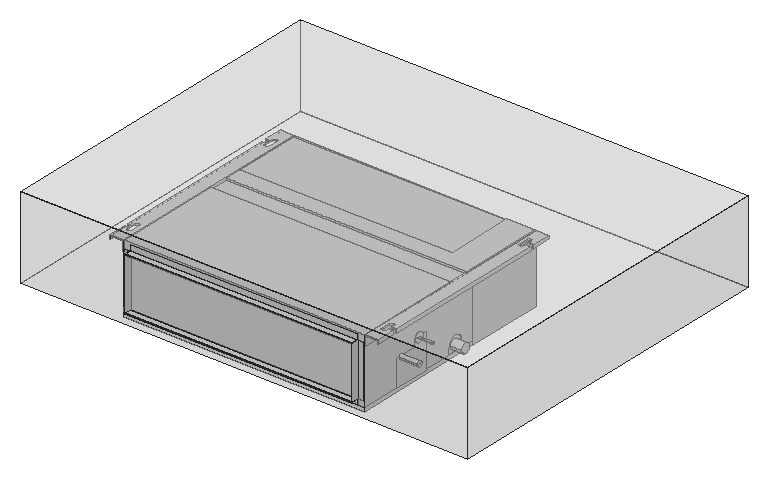
Revit family "outputfile", category 機械設備, Revit 2024
Family settings
  丸型コネクタ寸法 = 半径を使用
  パーツ タイプ = 標準
  OmniClass 番号 = 23.75.10.24.21.27.27
  OmniClass タイトル = Split System Air Conditioning Units
  作業面ベース = いいえ
  常に垂直 = はい
  ロード時にボイドで切り取り = いいえ
  注釈の向きを維持 = いいえ
  共有 = いいえ
  部屋計算ポイント = はい
Parameters (values of type "FXDQ32PDVTS")
  Description = ""
  製造元 = "Daikin"
  書き出し IFC クラス(タイプ) = "IfcUnitaryEquipmentType"
  定義済み IFC タイプ(タイプ) = "AIRCONDITIONINGUNIT"
  Cost = 0
  モデル = "FXDQ32PDVTS"
  Type Comments = ""
  Keynote = ""
  Type Image = (empty or 0)
  Assembly Code = ""
  w_pipe = 33.0 mm
  r_Liquid Pipe Size = Liquid Pipe Size / 2  # 3.2 mm
  r_Gas Pipe Size = Gas Pipe Size / 2  # 6.35 mm
  r_Drain Pipe Size = Drain Pipe Size / 2  # 10.0 mm
  lw_powersupply = 304.0 mm
  lh_suctionflange [instance] = if(Rear Connection_Return Air, 100.0 mm + [h***], 190.0 mm + [h***])  # 100.0 mm
  ld_suctionflange [instance] = if(Rear Connection_Return Air, 190.0 mm, 100.0 mm)  # 190.0 mm
  ld_powersupply = 60.0 mm
  angle_vertical_RA [instance] = if(Rear Connection_Return Air, 90.00°, 0.00°)  # 90.00°
  angle horizontal_RA [instance] = if(Rear Connection_Return Air, 180.00°, 270.00°)  # 180.00°
  Voltage_comment_50Hz = "220-240"
  Voltage_50Hz = 220 V
  URL = ""
  Supply Air Direction [instance] = yes
  Sound Power Level_H speed (dB) = 54
  Rear Connection_Return Air [instance] = not(Bottom Connection_Return Air)  # yes
  RA_length = 190.0 mm  # constant formula
  Phase_50Hz = 1
  Minimum External Static Pressure = 10.00 Pa
  Minimum Circuit Amps_50Hz = 0.7 A
  Maximum Fuse Amps_50Hz = 16.0 A
  Maximum External Static Pressure = 30.00 Pa
  Material_Casing = DAIKIN_GalvanizedSteel_Casing_indoorunit
  lw_liquidpipe = 46.0 mm  # constant formula
  lw_gaspipe = 57.0 mm  # constant formula
  lw_mountinghole_pitch = 740.0 mm  # constant formula
  lw_mountinghole = 20.0 mm  # constant formula
  lw_drainpipe = 33.0 mm  # constant formula
  lh_powersupply = 10.0 mm
  lh_liquidpipe = 110.0 mm
  lh_gaspipe = 87.0 mm
  lh_mountinghole = Height + [h***]  # 200.0 mm
  lh_drainpipe = 30.0 mm
  lh_antena = 1.0 mm  # constant formula
  ld_liquidpipe = 193.0 mm  # constant formula
  ld_gaspipe = 130.0 mm  # constant formula
  ld_mountinghole_pitch = 500.0 mm  # constant formula
  ld_drainpipe = 280.0 mm
  ld_controlbox = 626.0 mm  # constant formula
  h*** = 0.0 mm  # constant formula
  d_dischargeflange = 21.2 mm  # constant formula
  Width = 700.0 mm
  Version = "ver.1.0"
  Unit Type = "Slim Duct (Standard) Type"
  Unit Mass Weight = 23.00 kg
  Unit Designation [instance] = ""
  Uniclass2015Version = "Products v1.30"
  Uniclass2015Title = "Variable refrigerant flow units"
  Uniclass2015Code = "Pr_70_65_03_94"
  Total Heating Capacity [instance] = 0.000 kW
  Total Cooling Capacity [instance] = 0.000 kW
  Sound Pressure Level_M speed (dBA) = 0
  Sound Pressure Level_L speed (dBA) = 24
  Sound Pressure Level_H speed (dBA) = 28
  Series = "VRV Fan Coil Unit"
  Sensible Cooling Capacity [instance] = 0.000 kW
  SA Duct Size Width = 660.0 mm
  SA Duct Size Height = 153.0 mm
  Refrigerant Type = "R410A"
  RA Duct Size Width = 600.0 mm
  RA Duct Size Height = 180.0 mm
  Power Input (Heating) = 0.070 kW
  Power Input (Cooling) = 0.070 kW
  Option Accessory 3 [instance] = ""
  Option Accessory 2 [instance] = ""
  Option Accessory 1 [instance] = ""
  Nominal Heating Capacity = 4.000 kW
  Nominal Cooling Capacity = 3.600 kW
  Minimum Airflow = 384.00 m³/h
  Median Airflow = 432.00 m³/h
  Maximum Airflow = 480.00 m³/h
  Load Classification = HVAC
  Liquid Pipe Size = 6.4 mm
  Link_Nested Family [instance] = ""
  IfcVersion = "0"
  IfcExportType = "AIRCONDITIONINGUNIT"
  IfcExportAs = "IfcUnitaryEquipmentType"
  Height = 200.0 mm
  Heating Entering Wet Bulb Temperature [instance] = 0.00 °C
  Heating Entering Dry Bulb Temperature [instance] = 0.00 °C
  Heating Ambient Wet Bulb Temperature [instance] = 0.00 °C
  Heating Ambient Dry Bulb Temperature [instance] = 0.00 °C
  Heat Exchanger Type = "Cross Fin Coil"
  Gas Pipe Size = 12.7 mm
  Frequency_50Hz = 50 Hz
  Fan Type = "Sirocco Fan"
  Fan Drive = "Direct Drive"
  FCU Tag No. [instance] = ""
  Drain Pipe Size = 20.0 mm
  Design Supply Airflow [instance] = 0.00 m³/h
  Design Return Airflow [instance] = 0.00 m³/h
  Design External Static Pressure [instance] = 0.00 Pa
  Depth = 620.0 mm
  既定の高さ = 0.0 mm
  Cooling Entering Wet Bulb Temperature [instance] = 0.00 °C
  Cooling Entering Dry Bulb Temperature [instance] = 0.00 °C
  Cooling Ambient Wet Bulb Temperature [instance] = 0.00 °C
  Cooling Ambient Dry Bulb Temperature [instance] = 0.00 °C
  Clearance visibility [instance] = yes
  Clearance Top = 20.0 mm
  Clearance Right = 300.0 mm
  Clearance Rear = 400.0 mm
  Clearance Left = 300.0 mm
  Clearance Front = 0.0 mm
  Clearance Bottom = 20.0 mm
  Bottom Connection_Return Air [instance] = no
Reference planes
  plane 1 "Center (Front/Back)": y = 0
  plane 2: z = 0
  plane 3 "Center (Left/Right)": x = 0
  plane 4 "Back": y = 310
  plane 5 "Front": y = -310
  plane 6 "Left": x = -350
  plane 7 "Right": x = 350
  plane 8 "Top": z = 0
  plane 9 "Bottom": z = -200
  plane 10: x = 330
  plane 11: x = -330
  plane 12: z = -190
  plane 13: z = -6
  plane 14: z = -22
  plane 15: z = -90
  plane 16: z = -113
  plane 17: x = -304
  plane 18: x = 304
  plane 19: x = -370
  plane 20: x = 370
  plane 21: y = -250
  plane 22: y = 250
  plane 23: x = -390
  plane 24: x = 390
  plane 25: x = 396
  plane 26: x = 407
  plane 27: x = 383
  plane 28: z = 0
  plane 29: z = -170
  plane 30 "Clearance Left": x = -650
  plane 31 "Clearance Right": x = 650
  plane 32 "Clearance Rear": y = 710
  plane 33 "Clearance Front": y = -310
  plane 34 "Clearance Top": z = 20
  plane 35 "Clearance Bottom": z = -220
  plane 36: z = -21
  plane 37: z = -170
  plane 38: z = -96.5
  plane 39: x = -40
  plane 40: y = -180
  plane 41: y = -117
  plane 42: y = -30
  plane 43: y = 20
  plane 44: z = -97.5
  plane 45: y = -309
  plane 46: x = -349
  plane 47: z = -100
  plane 48: z = -30
  plane 49: y = 210
  plane 50: z = 301
  plane 51: z = -199
  plane 52: y = 120
  plane 53: z = -101
  plane 54: x = 380
  plane 55: z = 11
  plane 56: z = 102.5
Forms (mm)
  Extrusion 1, solid
    sketch origin (0, 0, 0) x (1, 0, 0) y (0, 0, 1)
      loop
        line (-350, -190) -> (-350, -200) -> (350, -200) -> (350, -190) -> (-350, -190)
    from -84 to 310
  Extrusion 2, solid, material "DAIKIN_GalvanizedSteel_Casing_indoorunit" <- "Material_Casing"
    sketch origin (0, 0, 0) x (1, 0, 0) y (0, 1, 0)
      loop
        line (-350, -309) -> (350, -309) -> (350, 310) -> (-350, 310) -> (-350, -309)
    from -200 to 0
  Extrusion 3, void
    sketch origin (0, 0, 1) x (1, 0, 0) y (0, 1, 0)
      loop
        line (-350, 62.179) -> (-350, 4.179) -> (350, 4.179) -> (350, 62.179) -> (-350, 62.179)
    from -1 to -7
  Extrusion 4, void
    sketch origin (0, 0, 0) x (0, 1, 0) y (0, 0, 1)
      loop
        line (-5, -190) -> (45, -190) -> (45, -170)
        arc (45, -170) -> (20, -145) -> (-5, -170) r 25
        line (-5, -170) -> (-5, -190)
    from 350 to 345
  Revolve 5, solid, material "DAIKIN_GalvanizedSteel_Casing_indoorunit" <- "Material_Casing"
    sketch origin (0, 0, -113) x (0, -1, 0) y (1, 0, 0)
      loop
        line (173.65, 351) -> (180, 351) -> (180, 407) -> (173.65, 407) -> (173.65, 351)
      axis (180, 351) -> (180, 407)
    angle from 0 to 360
  Revolve 6, solid, material "DAIKIN_GalvanizedSteel_Casing_indoorunit" <- "Material_Casing"
    sketch origin (0, 0, -90) x (0, -1, 0) y (1, 0, 0)
      loop
        line (117, 351) -> (117, 396) -> (113.8, 396) -> (113.8, 351) -> (117, 351)
      axis (117, 396) -> (117, 351)
    angle from 0 to 360
  Extrusion 7, solid, material "DAIKIN_GalvanizedSteel_Casing_indoorunit" <- "Material_Casing"
    sketch origin (0, 0, 0) x (0, 1, 0) y (0, 0, 1)
      loop
        circle (-116, -90) r 12.7
    from 350 to 355.007
  Extrusion 8, solid, material "DAIKIN_GalvanizedSteel_Casing_indoorunit" <- "Material_Casing"
    sketch origin (0, 0, 0) x (0, 1, 0) y (0, 0, 1)
      loop
        circle (20, -170) r 13
    from 345 to 380
  Extrusion 9, solid, material "DAIKIN_GalvanizedSteel_Casing_indoorunit" <- "Material_Casing"
    sketch origin (0, 0, 0) x (1, 0, 0) y (0, 0, 1)
      loop
        line (-350, -190) -> (-350, -200) -> (350, -200) -> (350, -190) -> (-350, -190)
    from -84 to 310
  Extrusion 10, solid, material "DAIKIN_GalvanizedSteel_Casing_indoorunit" <- "Material_Casing", visible <- "Bottom Connection_Return Air"
    sketch origin (0, 0, 0) x (1, 0, 0) y (0, 0, 1)
      loop
        line (269, -200) -> (269, -1) -> (-349, -1) -> (-349, -200) -> (269, -200)
    from -310 to -309
  Extrusion 11, void
    sketch origin (0, 0, 0) x (1, 0, 0) y (0, 0, 1)
      loop
        line (269, 0) -> (-349, 0) -> (-349, -1) -> (269, -1) -> (269, 0)
    from -310 to -111
  Extrusion 12, solid, material "DAIKIN_GalvanizedSteel_Casing_indoorunit" <- "Material_Casing", visible <- "Rear Connection_Return Air"
    sketch origin (0, 0, 0) x (1, 0, 0) y (0, 1, 0)
      loop
        line (-349, 310) -> (-349, 111) -> (269, 111) -> (269, 310) -> (-349, 310)
    from -200 to -199
  Extrusion 13, solid, material "DAIKIN_GalvanizedSteel_Casing_indoorunit" <- "Material_Casing"
    sketch origin (0, 0, 0) x (0, 1, 0) y (0, 0, 1)
      loop
        line (-194, -113) -> (-194, -190) -> (-88.3, -190) -> (-88.3, -90) -> (-103.3, -90)
        arc (-103.3, -90) -> (-116, -102.7) -> (-128.7, -90) r 12.7
        line (-128.7, -90) -> (-128.7, -113) -> (-173.65, -113)
        arc (-173.65, -113) -> (-180, -119.35) -> (-186.35, -113) r 6.35
        line (-186.35, -113) -> (-194, -113)
    from 351 to 350
  Extrusion 14, solid, material "DAIKIN_GalvanizedSteel_Casing_indoorunit" <- "Material_Casing"
    sketch origin (0, 0, 0) x (0, 1, 0) y (0, 0, 1)
      loop
        line (84, -199) -> (310, -199) -> (310, -22) -> (91, -22) -> (84, -29) -> (84, -199)
    from 351 to 350
Cuts and joins
  Extrusion 3, Extrusion 4, Extrusion 11 cuts Extrusion 2
  Extrusion 4 cuts Extrusion 1
  Extrusion 11 cuts Extrusion 9
Dimensions and locks
  "lh_powersupply": plane 12 to plane 9 "Bottom"
  locked: plane 8 "Top" to plane 13 at 6
  "Height": plane 8 "Top" to plane 9 "Bottom"
  equal spacing: plane 17, plane 3 "Center (Left/Right)", plane 18, locked at 304 each
  locked: plane 17 to plane 18 at 608
  equal spacing: plane 19, plane 3 "Center (Left/Right)", plane 20, locked at 370 each
  "lw_mountinghole_pitch": plane 19 to plane 20
  locked: plane 14 to plane 9 "Bottom" at 178
  "lw_mountinghole": plane 23 to plane 19
  "lh_liquidpipe": plane 15 to plane 9 "Bottom"
  "lh_gaspipe": plane 16 to plane 9 "Bottom"
  "lh_mountinghole": plane 28 to plane 9 "Bottom"
  "ld_mountinghole_pitch": plane 22 to plane 21
  equal spacing: plane 6 "Left", plane 3 "Center (Left/Right)", plane 7 "Right", locked at 350 each
  "Width": plane 6 "Left" to plane 7 "Right"
  "lh_drainpipe": plane 29 to plane 9 "Bottom"
  "Clearance Right": plane 7 "Right" to plane 31 "Clearance Right"
  "Clearance Left": plane 30 "Clearance Left" to plane 6 "Left"
  "lw_gaspipe": plane 7 "Right" to plane 26
  "lw_liquidpipe": plane 7 "Right" to plane 25
  "lw_drainpipe": plane 7 "Right" to plane 27
  "Clearance Rear": plane 32 "Clearance Rear" to plane 4 "Back"
  "Clearance Front": plane 5 "Front" to plane 33 "Clearance Front"
  "Clearance Top": plane 34 "Clearance Top" to plane 8 "Top"
  "Clearance Bottom": plane 9 "Bottom" to plane 35 "Clearance Bottom"
  "ld_powersupply": plane 4 "Back" to plane 22
  "lw_powersupply": plane 3 "Center (Left/Right)" to plane 18
  locked: plane 8 "Top" to plane 36 at 21
  locked: plane 8 "Top" to plane 37 at 170
  locked: plane 40 to plane 41 at 63
  locked: plane 38 to plane 9 "Bottom" at 103.5
  locked: plane 36 to plane 44 at 76.5
  "Depth": plane 4 "Back" to plane 5 "Front"
  equal spacing: plane 4 "Back", plane 1 "Center (Front/Back)", plane 5 "Front"
  locked: plane 45 to plane 5 "Front" at 1
  locked: plane 46 to plane 6 "Left" at 1
  Extrusion 10 sketch curve to Extrusion 10 sketch curve = 199.0 mm
  locked: nested 12 to plane 39 at 300
  locked: plane 12 to plane 47 at 90
  plane 32 "Clearance Rear" to Extrusion 10 = 401.0 mm
  locked: plane 48 to plane 35 "Clearance Bottom" at 190
  locked: plane 49 to nested 13 at 90
  plane 50 to plane 28 = 301.0 mm
  locked: plane 51 to plane 9 "Bottom" at 1
  "ld_suctionflange": plane 4 "Back" to plane 52
  locked: plane 53 to plane 9 "Bottom" at 99
  locked: plane 54 to plane 7 "Right" at 30
  aligned and locked: level to plane 2
  aligned and locked: Extrusion 2 to plane 9 "Bottom"
  aligned and locked: plane 8 "Top" to Extrusion 2
  aligned and locked: Revolve 5 sketch curve to Revolve 5 sketch curve
  aligned and locked: plane 15 to Extrusion 7 sketch curve
  aligned and locked: cut or joined group of Extrusion 1, Extrusion 4 to plane 9 "Bottom"
  aligned and locked: plane 24 to nested 1
  aligned and locked: nested 1 to plane 23
  aligned and locked: plane 25 to nested 6
  aligned and locked: nested 6 to plane 15
  aligned and locked: nested 2 to plane 22
  aligned and locked: plane 20 to nested 2
  aligned and locked: plane 20 to nested 3
  aligned and locked: plane 19 to nested 4
  aligned and locked: plane 22 to nested 5
  aligned and locked: nested 5 to plane 22
  aligned and locked: plane 19 to nested 5
  aligned and locked: plane 22 to nested 11
  aligned and locked: plane 18 to nested 11  (x2)
  aligned and locked: nested 11 to plane 18
  aligned and locked: plane 4 "Back" to nested 11
  aligned and locked: cut or joined group of Extrusion 2, Extrusion 3, Extrusion 4, Extrusion 11 to nested 11
  aligned and locked: nested 11 to plane 12
  aligned and locked: plane 8 "Top" to nested 1
  aligned and locked: Extrusion 9 to plane 5 "Front"
  aligned and locked: Extrusion 9 to plane 9 "Bottom"
  aligned and locked: nested 7 to plane 16
  aligned and locked: plane 4 "Back" to nested 1
  aligned and locked: plane 40 to nested 7
  aligned and locked: plane 41 to nested 6
  aligned and locked: Extrusion 8 sketch curve to plane 43
  aligned and locked: nested 12 to plane 46
  aligned and locked: plane 4 "Back" to Extrusion 11
  aligned and locked: Extrusion 12 to nested 13
  aligned and locked: plane 8 "Top" to Extrusion 3
  aligned and locked: Extrusion 10 to cut or joined group of Extrusion 2, Extrusion 3, Extrusion 4, Extrusion 11
  aligned and locked: plane 9 "Bottom" to Extrusion 12  (x2)
  aligned and locked: Extrusion 12 to plane 51
  aligned and locked: plane 4 "Back" to nested 12
  aligned and locked: Extrusion 11 to level
  aligned and locked: plane 32 "Clearance Rear" to nested 14
  aligned and locked: plane 31 "Clearance Right" to nested 14
  aligned and locked: plane 30 "Clearance Left" to nested 14
  aligned and locked: nested 14 to plane 33 "Clearance Front"
  aligned and locked: nested 14 to plane 34 "Clearance Top"
  aligned and locked: nested 14 to plane 35 "Clearance Bottom"
  aligned and locked: plane 7 "Right" to Extrusion 13
  aligned and locked: plane 4 "Back" to Extrusion 14
  aligned and locked: Extrusion 14 to plane 51
  aligned and locked: plane 7 "Right" to Extrusion 14
  aligned and locked: Extrusion 13 to Revolve 5 sketch curve
  aligned and locked: Extrusion 3 to plane 13
  aligned and locked: plane 52 to nested 15
  aligned and locked: Extrusion 11 to nested 13
  aligned and locked: Extrusion 8 to plane 54
  aligned and locked: nested 8 to plane 54
  aligned and locked: plane 43 to nested 8
  aligned and locked: nested 8 to plane 37
  aligned and locked: nested 10 to plane 1 "Center (Front/Back)"
  aligned and locked: plane 46 to Extrusion 10
  aligned and locked: nested 12 to plane 51
  aligned and locked: plane 3 "Center (Left/Right)" to nested 10
  aligned and locked: plane 13 to nested 16
  aligned and locked: plane 45 to nested 16
  aligned and locked: plane 44 to nested 9
  aligned and locked: level to plane 8 "Top"
Automatic sketch dimensions
  Extrusion 1 sketch curve to plane 6 "Left" = 0.0 mm
  Extrusion 1 sketch curve to plane 7 "Right" = 0.0 mm
  Extrusion 1 sketch curve to plane 9 "Bottom" = 0.0 mm
  Extrusion 1 sketch curve to plane 12 = 0.0 mm
  Extrusion 2 sketch curve to plane 4 "Back" = 0.0 mm
  Extrusion 2 sketch curve to plane 6 "Left" = 0.0 mm
  Extrusion 2 sketch curve to plane 7 "Right" = 0.0 mm
  Extrusion 2 sketch curve to plane 45 = 0.0 mm
  Extrusion 3 sketch curve to plane 6 "Left" = 0.0 mm
  Extrusion 3 sketch curve to plane 7 "Right" = 0.0 mm
  Extrusion 3 sketch curve to plane 1 "Center (Front/Back)" = 4.179 mm
  plane 43 to Extrusion 3 sketch curve = 42.179 mm
  Extrusion 4 sketch curve to plane 37 = 0.0 mm
  Extrusion 4 sketch curve to plane 12 = 0.0 mm
  Extrusion 4 sketch curve to plane 43 = 0.0 mm
  plane 1 "Center (Front/Back)" to Extrusion 4 sketch curve = 5.0 mm
  Revolve 6 sketch curve to plane 25 = 0.0 mm  (x2)
  Revolve 6 sketch curve to plane 41 = 0.0 mm  (x2)
  plane 41 to Revolve 6 sketch curve = 3.2 mm
  plane 7 "Right" to Revolve 6 sketch curve = 1.0 mm
  Revolve 6 sketch curve to Revolve 6 sketch curve = 0.0 mm
  plane 41 to Extrusion 7 sketch curve = 1.0 mm
  Extrusion 8 sketch curve to plane 37 = 0.0 mm
  Extrusion 9 sketch curve to plane 6 "Left" = 0.0 mm
  Extrusion 9 sketch curve to plane 7 "Right" = 0.0 mm
  Extrusion 9 sketch curve to plane 9 "Bottom" = 0.0 mm
  Extrusion 9 sketch curve to plane 12 = 0.0 mm
  plane 46 to Extrusion 10 sketch curve = 0.0 mm
  Extrusion 10 sketch curve to plane 18 = 35.0 mm
  plane 46 to Extrusion 11 sketch curve = 0.0 mm
  Extrusion 11 sketch curve to plane 18 = 35.0 mm
  Extrusion 11 sketch curve to plane 8 "Top" = 1.0 mm
  Extrusion 12 sketch curve to plane 46 = 0.0 mm
  Extrusion 12 sketch curve to plane 4 "Back" = 0.0 mm
  Extrusion 12 sketch curve to plane 18 = 35.0 mm
  plane 43 to Extrusion 12 sketch curve = 91.0 mm
  plane 35 "Clearance Bottom" to Extrusion 11 sketch curve = 220.0 mm
  Extrusion 10 sketch curve to plane 51 = 1.0 mm
  Extrusion 13 sketch curve to plane 12 = 0.0 mm
  Extrusion 13 sketch curve to plane 16 = 0.0 mm
  Extrusion 13 sketch curve to plane 40 = 0.0 mm
  Extrusion 13 sketch curve to plane 15 = 0.0 mm
  Extrusion 13 sketch curve to Extrusion 13 sketch curve = 6.35 mm
  Extrusion 13 sketch curve to Extrusion 13 sketch curve = 7.65 mm
  Extrusion 13 sketch curve to plane 41 = 11.7 mm
  plane 41 to Extrusion 13 sketch curve = 1.0 mm
  Extrusion 13 sketch curve to Extrusion 13 sketch curve = 27.7 mm
  Extrusion 14 sketch curve to plane 51 = 0.0 mm
  Extrusion 14 sketch curve to plane 14 = 0.0 mm
  plane 48 to Extrusion 14 sketch curve = 1.0 mm
  plane 43 to Extrusion 14 sketch curve = 64.0 mm
  Extrusion 14 sketch curve to Extrusion 14 sketch curve = 7.0 mm
  Extrusion 14 sketch curve to plane 4 "Back" = 0.0 mm
  Revolve 5 sketch curve to plane 26 = 0.0 mm
  Revolve 5 sketch curve to plane 40 = 0.0 mm
  Revolve 5 sketch curve to Revolve 5 sketch curve = 1.003 mm  (x2)
  plane 40 to Revolve 5 sketch curve = 6.35 mm
  radius of Extrusion 7 sketch curve = 12.7 mm
  radius of Extrusion 8 sketch curve = 13.0 mm
Nested families
  nested 1: "daikin_hangerfixture_FXDQ-PDVTS" at (0, 0.5, 0), type "daikin_hangerfixture_FXDQ-PDVTS"
  nested 2: "daikin_mountinghole" at (370, 250, -200), l_antenna <- "lh_antena", Link_Nested Family <- "Link_Nested Family", h_mountinghole <- "lh_mountinghole", type "daikin_mountinghole"
    with show yes, l_antenna 1.0 mm, h_mountinghole 200.0 mm, Link_Nested Family ""
  nested 3: "daikin_mountinghole" at (370, -250, -200), Link_Nested Family <- "Link_Nested Family", l_antenna <- "lh_antena", h_mountinghole <- "lh_mountinghole", type "daikin_mountinghole"
    with show yes, l_antenna 1.0 mm, h_mountinghole 200.0 mm, Link_Nested Family ""
  nested 4: "daikin_mountinghole" at (-370, -250, -200), l_antenna <- "lh_antena", Link_Nested Family <- "Link_Nested Family", h_mountinghole <- "lh_mountinghole", type "daikin_mountinghole"
    with show yes, l_antenna 1.0 mm, h_mountinghole 200.0 mm, Link_Nested Family ""
  nested 5: "daikin_mountinghole" at (-370, 250, -200), l_antenna <- "lh_antena", Link_Nested Family <- "Link_Nested Family", h_mountinghole <- "lh_mountinghole", type "daikin_mountinghole"
    with show yes, l_antenna 1.0 mm, h_mountinghole 200.0 mm, Link_Nested Family ""
  nested 6: "daikin_connector_rotate2" at (350, -117, -90) x (0, 1, 0) z (0, 0, 1), length <- "lw_liquidpipe", built-in parameter 1001364 <- "lh_liquidpipe", radius <- "r_Liquid Pipe Size", type "daikin_connector_rotate2"
    with radius 3.2 mm, length 46.0 mm, angle_vertical 90.00°, show_face no
  nested 7: "daikin_connector_rotate2" at (350, -180, -113) x (0, 1, 0) z (0, 0, 1), length <- "lw_gaspipe", built-in parameter 1001364 <- "lh_gaspipe", radius <- "r_Gas Pipe Size", type "daikin_connector_rotate2"
    with radius 6.35 mm, length 57.0 mm, angle_vertical 90.00°, show_face no
  nested 8: "daikin_connector_rotate2" at (347, 20, -170) x (0, 1, 0) z (0, 0, 1), built-in parameter 1001364 <- "lh_drainpipe", length <- "lw_drainpipe", radius <- "r_Drain Pipe Size", type "daikin_connector_rotate2"
    with radius 10.0 mm, length 33.0 mm, angle_vertical 90.00°, show_face no
  nested 9: "daikin_connector_rotate2" at (0, -309, -97.5), length <- "d_dischargeflange", type "daikin_connector_rotate2"
    with radius 10.0 mm, length 21.2 mm, angle_vertical 90.00°, show_face no
  nested 10: "daikin_△_symbolicline" at (-75, -129.904, 200) x (-0.5, 0.866, 0) z (0, 0, 1), built-in parameter 1001364 <- "Height", visible <- "Supply Air Direction", type "daikin_△_symbolicline"
    with length 300.0 mm
  nested 11: "daikin_connector_rotate2" at (304, 250, -190) x (-1, 0, 0) z (0, 0, 1), built-in parameter 1001364 <- "lh_powersupply", length <- "ld_powersupply", type "daikin_connector_rotate2"
    with radius 10.0 mm, length 60.0 mm, angle_vertical 90.00°, show_face no
  nested 12: "daikin_ductflange_FXDQ-PDVTS2" at (-40, 310, -100), visible <- "Rear Connection_Return Air", material <- "Material_Casing", type "daikin_ductflange_FXDQ-PDVTS2"
    with width 620.0 mm, material DAIKIN_GalvanizedSteel_Casing_indoorunit, height 180.0 mm, depth 21.2 mm
  nested 13: "daikin_ductflange_FXDQ-PDVTS2" at (-40, 210, -200) x (1, 0, 0) z (0, 1, 0), visible <- "Bottom Connection_Return Air", material <- "Material_Casing", type "daikin_ductflange_FXDQ-PDVTS2"
    with width 620.0 mm, material DAIKIN_GalvanizedSteel_Casing_indoorunit, height 180.0 mm, depth 21.2 mm
  nested 14: "daikin_clearancespace" at (0, 200, -99.881), visible <- "Clearance visibility", show <- "Clearance visibility", Link_Nested Family <- "Link_Nested Family", type "daikin_clearancespace"
    with width 1300.0 mm, show yes, height 240.0 mm, depth 1020.0 mm, Link_Nested Family ""
  nested 15: "daikin_connector_rotate3" at (-40, 120, -100), built-in parameter 1001364 <- "lh_suctionflange", angle_vertical <- "angle_vertical_RA", angle_horizontal <- "angle horizontal_RA", length <- "RA_length", type "daikin_connector_rotate3"
    with show no, radius 10.0 mm, length 190.0 mm, angle_vertical 90.00°, angle_horizontal 180.00°
  nested 16: "daikin_ductflange_FXDQ-PDVTS" at (0, 4.5, -364.201), type "daikin_ductflange_FXDQ-PDVTS"
    with width 660.0 mm, material DAIKIN_GalvanizedSteel_Casing_indoorunit, height 155.0 mm, depth 21.2 mm
Connectors
  piping at (407, -180, -113), diameter 12.7, driven by "r_Gas Pipe Size"
    settings: on nested 7, index 1, connector inside diameter 609.6 mm, connector length 0.0 mm, flow factor 0, pipe flow 0.00 m³/h, pressure drop 0.0 Pa, fitting loss kfactor 0, connector angle 0.00°, fixture units 0, engagement length 0.0 mm, angle of deflection 0.00°, flow configuration 1, flow direction 2, fitting loss method 0, system type 29, joint type 0, gender type 0, connector reference index -1, connector utility 0, adjustable connector no, is connector primary yes, connector description "Refrigerant Gas Piping"
  piping at (396, -117, -90), diameter 6.4, driven by "r_Liquid Pipe Size"
    settings: on nested 6, index 2, connector inside diameter 609.6 mm, connector length 0.0 mm, flow factor 0, pipe flow 0.00 m³/h, pressure drop 0.0 Pa, fitting loss kfactor 0, connector angle 0.00°, fixture units 0, engagement length 0.0 mm, angle of deflection 0.00°, flow configuration 1, flow direction 1, fitting loss method 0, system type 29, joint type 0, gender type 0, connector reference index -1, connector utility 0, adjustable connector no, is connector primary no, connector description "Refrigerant Liquid Piping"
  piping at (380, 20, -170), diameter 20, driven by "r_Drain Pipe Size"
    settings: on nested 8, index 3, connector inside diameter 609.6 mm, connector length 0.0 mm, flow factor 0, pipe flow 0.00 m³/h, pressure drop 0.0 Pa, fitting loss kfactor 0, connector angle 0.00°, fixture units 0, engagement length 0.0 mm, angle of deflection 0.00°, flow configuration 1, flow direction 2, fitting loss method 4, system type 16, joint type 0, gender type 0, connector reference index -1, connector utility 0, adjustable connector no, is connector primary no, connector description "Condensate Drain Piping"
  hvac at (0, -330.2, -97.5), driven by "SA Duct Size Height", driven by "SA Duct Size Width"
    settings: on nested 9, index 7, duct flow 0.00 m³/h, flow factor 0, pres drop 0.00 Pa, loss coef 0, conn angle 0.00°, conn width 660.0 mm, conn height 153.0 mm, conn diameter 609.6 mm, duct sys type 1, conn prof type 1, flow config 0, flow direction 2, loss method 4, conn ref index -1, conn util no, is conn primary yes, conn desc "SA Duct"
  electrical at (304, 310, -190), driven by "Load Classification"
    settings: on nested 11, index 9, voltage 0 V, apparent load 0 VA, apparent load phase1 0 VA, apparent load phase2 0 VA, apparent load phase3 0 VA, power factor 1, load classification "HVAC", number of poles 1, system type 30, power factor state 1, is connector primary yes, connector utility no, sub classification motor no, connector description "Power Supply"
  hvac at (-40, 310, -100), driven by "RA Duct Size Height", driven by "RA Duct Size Width"
    settings: on nested 15, index 10, duct flow 0.00 m³/h, flow factor 0, pres drop 0.00 Pa, loss coef 0, conn angle 0.00°, conn width 600.0 mm, conn height 180.0 mm, conn diameter 609.6 mm, duct sys type 2, conn prof type 1, flow config 0, flow direction 1, loss method 4, conn ref index -1, conn util no, is conn primary no, conn desc "RA Duct"
Definition of nested family "daikin_hangerfixture_FXDQ-PDVTS"
  Parameters (values of type "daikin_hangerfixture_FXDQ-PDVE")
    width = 48.0 mm
    material = none
    height = 65.0 mm
    depth = 619.0 mm
    Default Elevation = 0.0 mm
  Reference planes
    plane 1 "Center (Front/Back)": y = 0
    plane 2: z = 0
    plane 3 "Center (Left/Right)": x = 0
    plane 4: x = 350
    plane 5: y = 309.5
    plane 6: y = -309.5
  Forms (mm)
    Extrusion 1, solid, material <- "material"
      sketch origin (0, 0, 0) x (1, 0, 0) y (0, 0, 1)
        loop
          line (350, 0) -> (350, -30) -> (352.3, -30) -> (352.3, -2.3) -> (387.7, -2.3) -> (387.7, -10) -> (390, -10) -> (390, 0) -> (350, 0)
      from -309.5 to 309.5
    Extrusion 2, void
      sketch origin (0, 0, 0) x (0, 1, 0) y (0, 0, 1)
        loop
          line (309.5, -30) -> (309.5, -17.979) -> (87.935, -17.979) -> (75.914, -30) -> (309.5, -30)
      from 0 to 618
    Extrusion 3, void
      sketch origin (0, 0, 0) x (1, 0, 0) y (0, 1, 0)
        loop
          line (390, -244) -> (377, -244) -> (377, -237.5)
          arc (377, -237.5) -> (370, -230.5) -> (363, -237.5) r 7
          line (363, -237.5) -> (363, -263.5)
          arc (363, -263.5) -> (370, -270.5) -> (377, -263.5) r 7
          line (377, -263.5) -> (377, -257) -> (390, -257) -> (390, -244)
        loop
          line (390, 243) -> (390, 256) -> (377, 256) -> (377, 262.5)
          arc (377, 262.5) -> (370, 269.5) -> (363, 262.5) r 7
          line (363, 262.5) -> (363, 236.5)
          arc (363, 236.5) -> (370, 229.5) -> (377, 236.5) r 7
          line (377, 236.5) -> (377, 243) -> (390, 243)
      from -254.96 to 618
    Extrusion 4, solid, material <- "material"
      sketch origin (0, 0, 0) x (-1, 0, 0) y (0, 0, -1)
        loop
          line (350, 0) -> (390, 0) -> (390, 10) -> (387.7, 10) -> (387.7, 2.3) -> (352.3, 2.3) -> (352.3, 30) -> (350, 30) -> (350, 0)
      from -309.5 to 309.5
    Extrusion 5, void
      sketch origin (0, 0, 0) x (-1, 0, 0) y (0, -1, 0)
        loop
          line (390, 244) -> (390, 257) -> (377, 257) -> (377, 263.5)
          arc (377, 263.5) -> (370, 270.5) -> (363, 263.5) r 7
          line (363, 263.5) -> (363, 237.5)
          arc (363, 237.5) -> (370, 230.5) -> (377, 237.5) r 7
          line (377, 237.5) -> (377, 244) -> (390, 244)
        loop
          line (390, -243) -> (377, -243) -> (377, -236.5)
          arc (377, -236.5) -> (370, -229.5) -> (363, -236.5) r 7
          line (363, -236.5) -> (363, -262.5)
          arc (363, -262.5) -> (370, -269.5) -> (377, -262.5) r 7
          line (377, -262.5) -> (377, -256) -> (390, -256) -> (390, -243)
      from -254.96 to 618
  Cuts and joins
    Extrusion 2, Extrusion 3, Extrusion 5 cuts Extrusion 1
    Extrusion 5 cuts Extrusion 4
  Dimensions and locks
    locked: plane 4 to plane 3 "Center (Left/Right)" at 350
    equal spacing: plane 5, plane 1 "Center (Front/Back)", plane 6
    "depth": plane 5 to plane 6
    locked: plane 3 "Center (Left/Right)" to plane 4 at 350
    plane 6 to plane 1 "Center (Front/Back)" to plane 5 = 309.5 mm, 309.5 mm
    aligned and locked: level to plane 2
    aligned and locked: plane 5 to Extrusion 1
    aligned and locked: Extrusion 1 to plane 6
    aligned and locked: Extrusion 1 to plane 4
    aligned and locked: plane 5 to cut or joined group of Extrusion 1, Extrusion 2, Extrusion 3, Extrusion 5
    aligned and locked: cut or joined group of Extrusion 1, Extrusion 2, Extrusion 3, Extrusion 5 to plane 6
    aligned and locked: level to cut or joined group of Extrusion 1, Extrusion 2, Extrusion 3, Extrusion 5
    aligned and locked: plane 5 to cut or joined group of Extrusion 4, Extrusion 5
    aligned and locked: cut or joined group of Extrusion 4, Extrusion 5 to plane 6
  Automatic sketch dimensions
    Extrusion 1 sketch curve to plane 4 = 0.0 mm
    Extrusion 1 sketch curve to level = 0.0 mm
    plane 4 to Extrusion 1 sketch curve = 2.3 mm
    Extrusion 1 sketch curve to level = 2.3 mm
    Extrusion 1 sketch curve to Extrusion 1 sketch curve = 35.4 mm
    Extrusion 1 sketch curve to Extrusion 1 sketch curve = 2.3 mm
    Extrusion 1 sketch curve to Extrusion 1 sketch curve = 7.7 mm
    Extrusion 1 sketch curve to Extrusion 1 sketch curve = 27.7 mm
    Extrusion 2 sketch curve to plane 5 = 0.0 mm
    Extrusion 2 sketch curve to level = 17.979 mm
    Extrusion 2 sketch curve to plane 1 "Center (Front/Back)" = 87.935 mm
    Extrusion 2 sketch curve to level = 30.0 mm
    Extrusion 2 sketch curve to Extrusion 2 sketch curve = 12.021 mm
    plane 4 to Extrusion 3 sketch curve = 13.0 mm  (x2)
    Extrusion 3 sketch curve to Extrusion 3 sketch curve = 7.0 mm  (x4)
    Extrusion 3 sketch curve to Extrusion 3 sketch curve = 13.0 mm  (x4)
    plane 6 to Extrusion 3 sketch curve = 46.0 mm
    Extrusion 3 sketch curve to Extrusion 3 sketch curve = 6.5 mm  (x4)
    Extrusion 3 sketch curve to plane 5 = 73.0 mm
    Extrusion 4 sketch curve to level = 0.0 mm
    Extrusion 4 sketch curve to level = 30.0 mm
    Extrusion 4 sketch curve to plane 3 "Center (Left/Right)" = 350.0 mm
    Extrusion 4 sketch curve to Extrusion 4 sketch curve = 2.3 mm  (x2)
    Extrusion 4 sketch curve to level = 2.3 mm
    Extrusion 4 sketch curve to Extrusion 4 sketch curve = 35.4 mm
    Extrusion 4 sketch curve to Extrusion 4 sketch curve = 7.7 mm
    Extrusion 5 sketch curve to plane 5 = 73.0 mm
    Extrusion 5 sketch curve to plane 3 "Center (Left/Right)" = 363.0 mm  (x2)
    plane 6 to Extrusion 5 sketch curve = 72.0 mm
    Extrusion 5 sketch curve to Extrusion 5 sketch curve = 7.0 mm  (x4)
    Extrusion 5 sketch curve to Extrusion 5 sketch curve = 13.0 mm  (x4)
    Extrusion 5 sketch curve to Extrusion 5 sketch curve = 6.5 mm  (x4)
Definition of nested family "daikin_ductflange_FXDQ-PDVTS2"
  Parameters (values of type "daikin_ductflange_FXDQ-PDVE2")
    width [instance] = 620.0 mm
    material [instance] = none
    height [instance] = 180.0 mm
    depth [instance] = 21.2 mm
    Default Elevation = 0.0 mm
  Reference planes
    plane 1 "Center (Front/Back)": y = 0
    plane 2: z = 0
    plane 3 "Center (Left/Right)": x = 0
    plane 4: y = -313.5
    plane 5: y = -334.7
    plane 6: x = -310
    plane 7: x = 310
    plane 8: z = 90
    plane 9: z = -90
    plane 10: z = 100
    plane 11: z = -100
    plane 12: x = -309
    plane 13: x = 309
  Forms (mm)
    Extrusion 1, solid, material <- "material"
      sketch origin (0, 0, 0) x (1, 0, 0) y (0, 0, 1)
        loop
          line (-300, 90) -> (-300, -90) -> (300, -90) -> (300, 90) -> (-300, 90)
        loop
          line (-309, -99) -> (309, -99) -> (309, 99) -> (-309, 99) -> (-309, -99)
      from 0 to 1
  Dimensions and locks
    plane 4 to plane 1 "Center (Front/Back)" = 313.5 mm
    "depth": plane 5 to plane 4
    equal spacing: plane 7, plane 3 "Center (Left/Right)", plane 6, locked at 310 each
    "width": plane 7 to plane 6
    equal spacing: plane 8, level, plane 9, locked at 90 each
    "height": plane 8 to plane 9
    equal spacing: plane 10, level, plane 11, locked at 100 each
    locked: plane 10 to plane 11 at 200
    plane 12 to plane 6 = 1.0 mm
    locked: plane 7 to plane 13 at 1
    locked: Extrusion 1 sketch curve to Extrusion 1 sketch curve at 9  (x4)
    locked: plane 10 to Extrusion 1 sketch curve at 1
    locked: Extrusion 1 sketch curve to plane 11 at 1
    aligned and locked: level to plane 2
  Automatic sketch dimensions
    plane 6 to Extrusion 1 sketch curve = 1.0 mm
    Extrusion 1 sketch curve to plane 7 = 1.0 mm
Definition of nested family "daikin_clearancespace"
  Parameters (values of type "daikin_clearancespace")
    width [instance] = 1823.963 mm
    show [instance] = yes
    material = none
    height [instance] = 1359.762 mm
    depth [instance] = 880.0 mm
    Default Elevation = 0.0 mm
    Link_Nested Family [instance] = ""
  Reference planes
    plane 1 "Center (Front/Back)": y = 0
    plane 2 "Center (Elevation)": z = -0.119
    plane 3 "Center (Left/Right)": x = 0
    plane 4: y = 440
    plane 5: y = -440
    plane 6 "Right": x = 911.982
    plane 7 "Left": x = -911.982
    plane 8 "Top": z = 679.762
    plane 9 "Bottom": z = -680
  Forms (mm)
    Extrusion 1, solid, material <- "material", visible <- "show"
      sketch origin (0, 0, 0) x (1, 0, 0) y (0, 1, 0)
        loop
          line (-911.982, 440) -> (-911.982, -440) -> (911.982, -440) -> (911.982, 440) -> (-911.982, 440)
      from -680 to 679.762
  Lines and regions (mm)
    symbolic lines, visible <- "show"
      curve 1: line (911.982, 440, 0) -> (-911.982, 440, 0)
      curve 2: line (-911.982, 440, 0) -> (-911.982, -440, 0)
      curve 3: line (-911.982, -440, 0) -> (911.982, -440, 0)
      curve 4: line (911.982, -440, 0) -> (911.982, 440, 0)
      curve 5: line (911.982, 0, 679.762) -> (-911.982, 0, 679.762)
      curve 6: line (911.982, 0, -680) -> (911.982, 0, 679.762)
      curve 7: line (-911.982, 0, -680) -> (911.982, 0, -680)
      curve 8: line (-911.982, 0, 679.762) -> (-911.982, 0, -680)
      curve 9: line (0, 440, 679.762) -> (0, -440, 679.762)
      curve 10: line (0, -440, 679.762) -> (0, -440, -680)
      curve 11: line (0, 440, -680) -> (0, 440, 679.762)
      curve 12: line (0, -440, -680) -> (0, 440, -680)
  Dimensions and locks
    "width": plane 7 "Left" to plane 6 "Right"
    "depth": plane 4 to plane 5
    "height": plane 8 "Top" to plane 9 "Bottom"
    equal spacing: plane 7 "Left", plane 3 "Center (Left/Right)", plane 6 "Right"
    equal spacing: plane 4, plane 1 "Center (Front/Back)", plane 5
    equal spacing: plane 8 "Top", plane 2 "Center (Elevation)", plane 9 "Bottom"
    aligned and locked: level to plane 2 "Center (Elevation)"
    aligned and locked: Extrusion 1 sketch curve to plane 4
    aligned and locked: plane 7 "Left" to Extrusion 1 sketch curve
    aligned and locked: Extrusion 1 sketch curve to plane 5
    aligned and locked: Extrusion 1 sketch curve to plane 6 "Right"
    aligned and locked: plane 8 "Top" to Extrusion 1
    aligned and locked: curve 1 to Extrusion 1
    aligned and locked: curve 2 to Extrusion 1
    aligned and locked: curve 3 to Extrusion 1
    aligned and locked: curve 4 to Extrusion 1
    aligned and locked: curve 5 to Extrusion 1
    aligned and locked: curve 6 to Extrusion 1
    aligned and locked: curve 7 to Extrusion 1
    aligned and locked: curve 8 to Extrusion 1
    aligned and locked: curve 9 to Extrusion 1
    aligned and locked: curve 10 to Extrusion 1
    aligned and locked: curve 11 to Extrusion 1
    aligned and locked: curve 12 to Extrusion 1
    aligned and locked: Extrusion 1 to plane 9 "Bottom"
Definition of nested family "daikin_ductflange_FXDQ-PDVTS"
  Parameters (values of type "daikin_ductflange_FXDQ-PDVET")
    width [instance] = 660.0 mm
    material [instance] = none
    height [instance] = 155.0 mm
    depth [instance] = 21.2 mm
    Default Elevation = 0.0 mm
  Reference planes
    plane 1 "Center (Front/Back)": y = 0
    plane 2: z = 189.201
    plane 3 "Center (Left/Right)": x = 0
    plane 4: y = -313.5
    plane 5: x = -330
    plane 6: x = 330
    plane 7: y = -334.7
    plane 8: z = 344.201
    plane 9: z = 266.701
    plane 10: z = 343.201
    plane 11: z = 190.201
  Forms (mm)
    Extrusion 1, solid, material <- "material"
      sketch origin (0, 0, 189.201) x (1, 0, 0) y (0, 1, 0)
        loop
          line (-330, -334.7) -> (-330, -313.5) -> (-348, -313.5) -> (-348, -314.5) -> (-331, -314.5) -> (-331, -334.7) -> (-330, -334.7)
        loop
          line (330, -334.7) -> (331, -334.7) -> (331, -314.5) -> (348, -314.5) -> (348, -313.5) -> (330, -313.5) -> (330, -334.7)
      from 1 to 154
    Extrusion 2, solid, material <- "material"
      sketch origin (0, 0, 0) x (0, 1, 0) y (0, 0, 1)
        loop
          line (-313.5, 343.201) -> (-313.5, 358.201) -> (-314.5, 358.201) -> (-314.5, 344.201) -> (-334.7, 344.201) -> (-334.7, 343.201) -> (-313.5, 343.201)
        loop
          line (-313.5, 190.201) -> (-334.7, 190.201) -> (-334.7, 189.201) -> (-314.5, 189.201) -> (-314.5, 175.201) -> (-313.5, 175.201) -> (-313.5, 190.201)
      from -330 to 330
  Dimensions and locks
    plane 4 to plane 1 "Center (Front/Back)" = 313.5 mm
    "depth": plane 7 to plane 4
    equal spacing: plane 8, plane 9, level
    "height": plane 8 to level
    equal spacing: plane 6, plane 3 "Center (Left/Right)", plane 5, locked at 330 each
    "width": plane 6 to plane 5
    plane 5 to plane 6 = 660.0 mm
    locked: Extrusion 1 sketch curve to Extrusion 1 sketch curve at 660
    locked: plane 8 to plane 10 at 1
    locked: plane 11 to level at 1
    locked: Extrusion 1 to Extrusion 2 sketch curve at 1
    locked: Extrusion 2 sketch curve to Extrusion 1 at 1
    locked: Extrusion 1 sketch curve to Extrusion 1 sketch curve at 1  (x2)
    aligned and locked: level to plane 2
    aligned and locked: plane 4 to Extrusion 1  (x2)
    aligned and locked: plane 5 to Extrusion 1
    aligned and locked: Extrusion 1 to plane 7  (x2)
    aligned and locked: Extrusion 1 to plane 6
    aligned and locked: Extrusion 1 to plane 10
    aligned and locked: Extrusion 1 to plane 11
    aligned and locked: plane 10 to Extrusion 1
    aligned and locked: plane 11 to Extrusion 1
    aligned and locked: Extrusion 2 to plane 5
    aligned and locked: plane 5 to Extrusion 2
    aligned and locked: plane 6 to Extrusion 2
    aligned and locked: Extrusion 2 to plane 6
    aligned and locked: Extrusion 2 to plane 11
    aligned and locked: Extrusion 2 to plane 10
  Automatic sketch dimensions
    Extrusion 1 sketch curve to plane 4 = 0.0 mm  (x2)
    Extrusion 1 sketch curve to plane 7 = 0.0 mm  (x2)
    Extrusion 1 sketch curve to plane 5 = 0.0 mm
    Extrusion 1 sketch curve to plane 5 = 1.0 mm
    Extrusion 1 sketch curve to Extrusion 1 sketch curve = 17.0 mm  (x2)
    plane 6 to Extrusion 1 sketch curve = 1.0 mm
    Extrusion 2 sketch curve to plane 7 = 0.0 mm  (x2)
    Extrusion 2 sketch curve to plane 4 = 0.0 mm  (x2)
    Extrusion 2 sketch curve to plane 11 = 0.0 mm
    Extrusion 2 sketch curve to plane 10 = 0.0 mm
    Extrusion 2 sketch curve to plane 4 = 1.0 mm  (x2)
    Extrusion 2 sketch curve to level = 14.0 mm
    plane 8 to Extrusion 2 sketch curve = 14.0 mm
Definition of nested family "daikin_mountinghole"
  Parameters (values of type "daikin_mountinghole")
    Default Elevation = 1219.2 mm
    Type Comments = "mountinghole"
    show [instance] = yes
    material = none
    l_centerline = 100.0 mm
    l_antenna [instance] = 100.0 mm
    h_mountinghole [instance] = 0.0 mm
    d_circle = 30.0 mm
    Link_Nested Family [instance] = ""
  Reference planes
    plane 1 "Center (Front/Back)": y = 0
    plane 2: z = 0
    plane 3 "Center (Left/Right)": x = 0
    plane 4: y = 50
    plane 5: x = -50
    plane 6: x = 50
    plane 7: y = -50
    plane 8 "h_mountinghole": z = 0
    plane 9: z = 100
  Lines and regions (mm)
    model lines, detail levels fine
      curve 1: circle (0, 0, 0) r 15 normal (0, 0, 1)
      curve 2: line (-50, 0, 0) -> (50, 0, 0)
      curve 3: line (0, 50, 0) -> (0, -50, 0)
    symbolic lines, detail levels fine
      curve 4: circle (0, 0, 0) r 15 normal (0, 0, 1)
      curve 5: line (-50, 0, 0) -> (50, 0, 0)
      curve 6: line (0, 50, 0) -> (0, -50, 0)
    model lines
      curve 7: line (0, 0, 100) -> (0, 0, 0)
  Dimensions and locks
    equal spacing: plane 4, plane 1 "Center (Front/Back)", plane 7
    "l_centerline": plane 4 to plane 7
    equal spacing: plane 5, plane 3 "Center (Left/Right)", plane 6
    "l_centerline": plane 5 to plane 6
    "l_antenna": plane 9 to plane 8 "h_mountinghole"
    "h_mountinghole": plane 8 "h_mountinghole" to plane 2
    "d_circle": diameter of curve 1
    "d_circle": diameter of curve 4
    aligned and locked: level to plane 2
    aligned and locked: plane 1 "Center (Front/Back)" to curve 1
    aligned and locked: plane 3 "Center (Left/Right)" to curve 1
    aligned and locked: plane 1 "Center (Front/Back)" to curve 2
    aligned and locked: curve 3 to plane 3 "Center (Left/Right)"
    aligned and locked: plane 6 to curve 2
    aligned and locked: plane 5 to curve 2
    aligned and locked: plane 4 to curve 3
    aligned and locked: plane 7 to curve 3
    aligned and locked: plane 1 "Center (Front/Back)" to curve 4
    aligned and locked: plane 3 "Center (Left/Right)" to curve 4
    aligned and locked: plane 6 to curve 5
    aligned and locked: plane 5 to curve 5
    aligned and locked: plane 1 "Center (Front/Back)" to curve 5
    aligned and locked: plane 4 to curve 6
    aligned and locked: plane 7 to curve 6
    aligned and locked: curve 6 to plane 3 "Center (Left/Right)"
    aligned and locked: curve 7 to plane 3 "Center (Left/Right)"
    aligned and locked: plane 9 to curve 7
    aligned and locked: plane 8 "h_mountinghole" to curve 7
Definition of nested family "daikin_connector_rotate2"
  Parameters (values of type "daikin_connector_rotate2")
    show_face = yes
    radius [instance] = 10.0 mm
    length [instance] = 600.0 mm
    d_surface = 10.0 mm
    angle_vertical [instance] = 90.00°
    Default Elevation = 0.0 mm
  Reference planes
    plane 1 "Center (Front/Back)": y = 0
    plane 2: z = 0
    plane 3 "Center (Left/Right)": x = 0
  Forms (mm)
    Extrusion 1, solid, visible <- "show_face"
      sketch origin (0, -600, 0) x (1, 0, 0) y (0, 0, 1)
        loop
          circle (0, 0) r 10
      from 0 to -10
  Lines and regions (mm)
    reference lines
      curve 1: line (0, 0, 0) -> (0, -600, 0)
    symbolic lines
      curve 2: circle (0, 0, 0) r 5 normal (0, 0, 1)
    model lines, visible <- "show_face"
      curve 3: line (0, 0, 0) -> (0, -600, 0)
  Dimensions and locks
    "length": curve 1 to curve 1
    "length": curve 3 to curve 3
    "d_surface": Extrusion 1 to Extrusion 1
    "radius": radius of Extrusion 1 sketch curve
    "angle_vertical": angle curve 1 to plane 1 "Center (Front/Back)"
    "angle_vertical": angle curve 3 to plane 1 "Center (Front/Back)"
    aligned and locked: level to plane 2
    aligned and locked: plane 1 "Center (Front/Back)" to curve 1
    aligned and locked: plane 2 to curve 1
    aligned and locked: plane 1 "Center (Front/Back)" to curve 2
    aligned and locked: plane 3 "Center (Left/Right)" to curve 2
    aligned and locked: plane 1 "Center (Front/Back)" to curve 3
    aligned and locked: plane 2 to curve 3
    aligned and locked: Extrusion 1 to Extrusion 1
  Automatic sketch dimensions
    Extrusion 1 sketch curve to level = 0.0 mm
    Extrusion 1 sketch curve to plane 3 "Center (Left/Right)" = 0.0 mm
    radius of curve 2 = 5.0 mm
Definition of nested family "daikin_△_symbolicline"
  Parameters (values of type "daikin_△_symbolicline")
    length [instance] = 500.0 mm
    Default Elevation = 0.0 mm
  Reference planes
    plane 1 "Center (Front/Back)": y = 0
    plane 2: z = 0
    plane 3 "Center (Left/Right)": x = 0
  Lines and regions (mm)
    symbolic lines
      curve 1: line (0, -433.013, 0) -> (250, 0, 0)
      curve 2: line (250, 0, 0) -> (-250, 0, 0)
      curve 3: line (-250, 0, 0) -> (0, -433.013, 0)
  Dimensions and locks
    equal spacing: curve 3, plane 3 "Center (Left/Right)", curve 2
    "length": curve 3 to curve 2
    "length": curve 3 to curve 3
    "length": curve 1 to curve 1
    aligned and locked: level to plane 2
    aligned and locked: curve 2 to plane 1 "Center (Front/Back)"
    aligned and locked: plane 3 "Center (Left/Right)" to curve 3
Definition of nested family "daikin_connector_rotate3"
  Parameters (values of type "daikin_connector_rotate3")
    Default Elevation = 1219.2 mm
    show [instance] = yes
    radius [instance] = 10.0 mm
    length [instance] = 600.0 mm
    angle_horizontal [instance] = 60.00°
    angle_vertical [instance] = 90.00°
  Reference planes
    plane 1 "Center (Front/Back)": y = 0
    plane 2: z = 0
    plane 3 "Center (Left/Right)": x = 0
  Dimensions and locks
    "angle_horizontal": angle plane 3 "Center (Left/Right)" to nested 1
    aligned and locked: level to plane 2
    aligned and locked: plane 1 "Center (Front/Back)" to nested 1  (x2)
    aligned and locked: plane 3 "Center (Left/Right)" to nested 1
  Nested families
    nested 1: "daikin_connector_rotate2" at (0, 0, 0) x (0.5, 0.866, 0) z (0, 0, 1), angle_vertical <- "angle_vertical", length <- "length", radius <- "radius", type "daikin_connector_rotate2"
      with radius 10.0 mm, length 600.0 mm, angle_vertical 90.00°
  Definition of nested family "daikin_connector_rotate2"
    Parameters (values of type "daikin_connector_rotate2")
      show_face = yes
      radius [instance] = 10.0 mm
      length [instance] = 600.0 mm
      d_surface = 10.0 mm
      angle_vertical [instance] = 90.00°
      Default Elevation = 0.0 mm
    Reference planes
      plane 1 "Center (Front/Back)": y = 0
      plane 2: z = 0
      plane 3 "Center (Left/Right)": x = 0
    Forms (mm)
      Extrusion 1, solid, visible <- "show_face"
        sketch origin (0, -600, 0) x (1, 0, 0) y (0, 0, 1)
          loop
            circle (0, 0) r 10
        from 0 to -10
    Lines and regions (mm)
      reference lines
        curve 1: line (0, 0, 0) -> (0, -600, 0)
      symbolic lines
        curve 2: circle (0, 0, 0) r 5 normal (0, 0, 1)
      model lines, visible <- "show_face"
        curve 3: line (0, 0, 0) -> (0, -600, 0)
    Dimensions and locks
      "length": curve 1 to curve 1
      "length": curve 3 to curve 3
      "d_surface": Extrusion 1 to Extrusion 1
      "radius": radius of Extrusion 1 sketch curve
      "angle_vertical": angle curve 1 to plane 1 "Center (Front/Back)"
      "angle_vertical": angle curve 3 to plane 1 "Center (Front/Back)"
      aligned and locked: level to plane 2
      aligned and locked: plane 1 "Center (Front/Back)" to curve 1
      aligned and locked: plane 2 to curve 1
      aligned and locked: plane 1 "Center (Front/Back)" to curve 2
      aligned and locked: plane 3 "Center (Left/Right)" to curve 2
      aligned and locked: plane 1 "Center (Front/Back)" to curve 3
      aligned and locked: plane 2 to curve 3
      aligned and locked: Extrusion 1 to Extrusion 1
    Automatic sketch dimensions
      Extrusion 1 sketch curve to level = 0.0 mm
      Extrusion 1 sketch curve to plane 3 "Center (Left/Right)" = 0.0 mm
      radius of curve 2 = 5.0 mm
